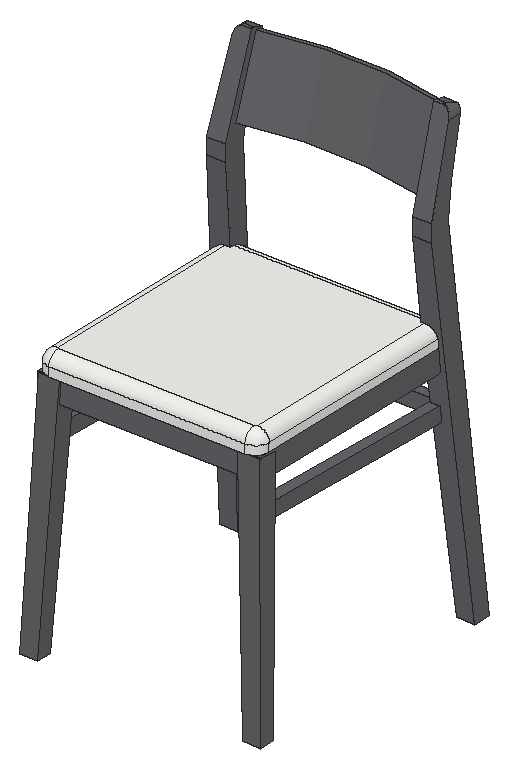
Revit family "FU_Chair_Sandler_JULIA_1", category Furniture, Revit 2020
Family settings
  OmniClass Number = 23.21.23.15.17
  Work Plane-Based = Yes
  Always vertical = No
  Cut with Voids When Loaded = No
  Shared = No
  Room Calculation Point = No
Parameters (values of type "JULIA 1.1")
  Youtube clip = ""
  Uniformat II Description = "Movable Furnishings"
  Uniformat II Code = ""
  Uniclass 2015 Name = ""
  Uniclass 2015 Code = ""
  Uniclass 2.0 Description = ""
  Uniclass 2.0 Code = ""
  Uniclass 1.4 Description = ""
  Uniclass 1.4 Code = ""
  UNSPSC Code = ""
  Technical description = ""
  Seat = TP01 - JULIA : TP01 - JULIA
  Heigth Shell = 472.000 mm
  Shell Material = none
  Seat Material = Leather - White - Sandler 117
  Frame Material = Wood - Beech - Wenge - V
  Region South America = "All"
  Region Oceania = "All"
  Region North America = "All"
  Region Middle East = "All"
  Region Europe = "All"
  Region Asia = "All"
  Region Antarctica = "All"
  Region Africa = "All"
  QR code = ""
  Product url = ""
  Product name = "JULIA 1.1"
  Product group = "Chair"
  Product family = "Furniture"
  Product data url = "https://www.sandlerseating.com/product/julia-1-1/"
  Product certification = ""
  Product SKU = ""
  Product Guid = "??"
  OmniClass Description = ""
  OmniClass Code = "23-21 23 15 17"
  NBS Reference Description = ""
  NBS Reference Code = ""
  Model = "JULIA 1.1"
  Masterformat 2014 Description = "Chair Mats"
  Masterformat 2014 Code = "12 48 43.13"
  Manufacturer name = "Sandler"
  Manufacturer country = "UK"
  Manufacturer = "Sandler"
  Installation instructions = ""
  IFC Classification = "Furnishing Element"
  GTIN code = ""
  Frame = BS01_2 : BS01_2
  Edition number = 1
  Design country = "UK"
  Description = "Stackable side chair with upholstered seat and frame in natural beech."
  Default Elevation = 1219.200 mm
  Date of publishing = ""
  COBIe Type Category = ""
  Brand url = "https://www.sandlerseating.com/"
  BIMobject main category code = "furniture"
  BIMobject main category = "Furniture"
  BIMobject category code = "furniture-chair"
  BIMobject category = "Chair"
Types (2, lengths in mm): name | Seat Material | Frame Material | Product name | Product data url | Model | Frame | Description
  JULIA 1.1 | Leather - White - Sandler 117 | Wood - Beech - Wenge - V | "JULIA 1.1" | "https://www.sandlerseating.com/product/julia-1-1/" | "JULIA 1.1" | BS01_2 : BS01_2 | "Stackable side chair with upholstered seat and frame in natural beech."
  JULIA 1.0 | Leather - Black - Sandler 101 | Wood - Beech - Cherry Wood - V | "JULIA 1.0" | "https://www.sandlerseating.com/product/julia-1-0/" | "JULIA 1.0" | BS01 - JULIA : BS01 - JULIA | "Side chair with upholstered seat and frame in natural beech."
Reference planes
  plane 1 "Center Front/Back": y = 0
  plane 2: z = 0
  plane 3 "Center Left/Right": x = 0
  plane 4 "Heigth Shell": z = 472
  plane 5: x = -240
  plane 6: y = -275
  plane 7: y = 275
  plane 8: x = 240
  plane 9: z = 1080
Dimensions and locks
  "Heigth Shell": plane 4 "Heigth Shell" to plane 2
  equal spacing: plane 5, plane 3 "Center Left/Right", plane 8
  equal spacing: plane 7, plane 1 "Center Front/Back", plane 6
  plane 5 to plane 8 = 480.000 mm
  plane 7 to plane 6 = 550.000 mm
  plane 9 to level = 1080.000 mm
  aligned and locked: level to plane 2
Nested families
  nested 1: "BS01_2" at (0, -67.736, 0), Frame Material <- "Frame Material", type <- "Frame", type "BS01_2"
    with Shell Material none, Seat Material none, Frame Material Wood - Beech - Wenge - V
  nested 2: "TP01 - JULIA" at (0, -71.486, 472), Seat Material <- "Seat Material", type <- "Seat", type "TP01 - JULIA"
    with Shell Material none, Seat Material Leather - White - Sandler 117, Frame Material none
Definition of nested family "BS01_2"
  Parameters (values of type "BS01_2")
    Shell Material [instance] = none
    Seat Material [instance] = none
    Frame Material [instance] = none
    Default Elevation = 0.000 mm
    Back Stretcher Visible = yes
  Reference planes
    plane 1 "Center (Front/Back)": y = 0
    plane 2: z = 0
    plane 3 "Center (Left/Right)": x = 0
    plane 4: through (4267.2, -147.938, 367.103) normal (0, 0.0311, 0.9995)
    plane 5: y = 254.255
    plane 6: x = 240
  Forms (mm)
    Extrusion 1, solid, material <- "Frame Material"
      sketch origin (-35, 0, 0) x (0, 1, 0) y (0, 0, 1)
        loop
          line (260.928, 858.754) -> (205.888, 689.356) -> (205.888, 657.52) -> (271.327, 0) -> (303.503, 0) -> (244.163, 678.257) -> (254.046, 740.653) -> (284.172, 853.994) -> (265.634, 859.797)
          arc (265.634, 859.797) -> (263.142, 859.903) -> (260.928, 858.754) r 4.837
      from 189.426 to 295.619
    Extrusion 2, void
      sketch origin (-41.465, 0, 0) x (1, 0, 0) y (0, 0, 1)
        loop
          line (246.362, 0) -> (280.468, 0) -> (244.906, 839.147)
          arc (244.906, 839.147) -> (233.679, 857.916) -> (211.824, 858.754) r 22.948
          line (211.824, 858.754) -> (220.482, 493.825) -> (246.362, 0)
        loop
          line (136.171, 885.406) -> (145.528, 490.972) -> (171.465, -3.925) -> (171.465, -23.925) -> (356.549, -23.925) -> (319.838, 842.322)
          arc (319.838, 842.322) -> (244.347, 933.534) -> (136.171, 885.406) r 97.948
      from -315.033 to -195
    Extrusion 3, solid, material <- "Frame Material"
      sketch origin (0, 0, 0) x (0, 1, 0) y (0, 0, 1)
        loop
          line (-192.223, 471.623) -> (-213.047, 0) -> (-185.583, 0) -> (-156.946, 467.081) -> (-192.223, 471.623)
      from 140.365 to 237.628
    Extrusion 4, void
      sketch origin (0, 0, 0) x (1, 0, 0) y (0, 0, 1)
        loop
          line (166.73, 470) -> (191.362, 0) -> (225.468, 0) -> (207.588, 470) -> (166.73, 470)
        loop
          line (89.777, 505.314) -> (120.19, -75) -> (303.714, -75) -> (279.121, 505.314) -> (89.777, 505.314)
      from 0 to 250
    Extrusion 5, solid, material <- "Frame Material"
      sketch origin (0, 0, 0) x (0, 1, 0) y (0, 0, -1)
        loop
          line (-192.223, -471.623) -> (-156.946, -467.081) -> (-185.583, 0) -> (-213.047, 0) -> (-192.223, -471.623)
      from 140.365 to 237.628
    Extrusion 6, void
      sketch origin (0, 0, 0) x (-1, 0, 0) y (0, 0, -1)
        loop
          line (166.635, -471.813) -> (207.519, -471.813) -> (225.468, 0) -> (191.362, 0) -> (166.635, -471.813)
        loop
          line (89.777, -505.314) -> (279.121, -505.314) -> (303.714, 75) -> (120.19, 75) -> (89.777, -505.314)
      from 0 to 250
    Extrusion 7, solid, material <- "Frame Material"
      sketch origin (0, 0, 0) x (1, 0, 0) y (0, 1, 0)
        loop
          line (-209.712, 254.046) -> (-207.526, -192.294) -> (207.588, -192.294) -> (207.588, 254.046) -> (-209.712, 254.046)
        loop
          line (177.588, 224.046) -> (-179.565, 224.046) -> (-177.673, -162.294) -> (177.588, -162.294) -> (177.588, 224.046)
      from 429.147 to 471.623
    Extrusion 8, solid, material <- "Frame Material"
      sketch origin (0, 0, 0) x (0, 1, 0) y (0, 0, 1)
        loop
          line (-162.15, 382.193) -> (-163.943, 352.953) -> (237.442, 340.465) -> (234.518, 369.851) -> (-162.15, 382.193)
      from 182.95 to 202.898
    Extrusion 9, solid, material <- "Frame Material"
      sketch origin (0, 0, 0) x (0, 1, 0) y (0, 0, -1)
        loop
          line (-162.15, -382.193) -> (234.518, -369.851) -> (237.442, -340.465) -> (-163.943, -352.953) -> (-162.15, -382.193)
      from 182.95 to 202.898
    Blend 10, solid, material <- "Frame Material"
      base sketch origin (-5.056, 0, -4.944) x (0, 1, 0) y (-1, 0, 0)
        loop
          line (225.201, -178.024) -> (232.577, -177.486)
          arc (232.577, -177.486) -> (255.658, -5.195) -> (233.94, 167.274) r 674.49
          line (233.94, 167.274) -> (226.443, 167.821)
          arc (226.443, 167.821) -> (246.39, -5.176) -> (225.201, -178.024) r 737.22
      top sketch origin (-5.056, 0, -4.944) x (0, 1, 0) y (-1, 0, 0)
        loop
          line (268.186, -176.035) -> (275.465, -176.035)
          arc (275.465, -176.035) -> (298.158, -5.275) -> (276.857, 165.663) r 674.49
          line (276.857, 165.663) -> (269.452, 165.663)
          arc (269.452, 165.663) -> (288.89, -5.26) -> (268.186, -176.035) r 737.22
      from 721.165 to 858.938
    Extrusion 11, solid, material <- "Frame Material", visible <- "Back Stretcher Visible"
      sketch origin (0, 0, 0) x (0, 1, 0) y (0, 0, 1)
        loop
          line (244.209, 369.796) -> (244.209, 340.796) -> (264.209, 340.796) -> (264.209, 369.796) -> (244.209, 369.796)
      from -191 to 191
    Extrusion 12, solid, material <- "Frame Material"
      sketch origin (35, 0, 0) x (0, 1, 0) y (0, 0, -1)
        loop
          arc (260.928, -858.754) -> (263.142, -859.903) -> (265.634, -859.797) r 4.837
          line (265.634, -859.797) -> (284.172, -853.994) -> (254.046, -740.653) -> (244.163, -678.257) -> (303.503, 0) -> (271.327, 0) -> (205.888, -657.52) -> (205.888, -689.356) -> (260.928, -858.754)
      from 189.426 to 295.619
    Extrusion 13, void
      sketch origin (41.465, 0, 0) x (-1, 0, 0) y (0, 0, -1)
        loop
          line (246.362, 0) -> (220.482, -493.825) -> (211.824, -858.754)
          arc (211.824, -858.754) -> (233.679, -857.916) -> (244.906, -839.147) r 22.948
          line (244.906, -839.147) -> (280.468, 0) -> (246.362, 0)
        loop
          arc (136.171, -885.406) -> (244.347, -933.534) -> (319.838, -842.322) r 97.948
          line (319.838, -842.322) -> (356.549, 23.925) -> (171.465, 23.925) -> (171.465, 3.925) -> (145.528, -490.972) -> (136.171, -885.406)
      from -315.033 to -195
  Cuts and joins
    Extrusion 2, Extrusion 13 cuts Extrusion 1
    Extrusion 4, Extrusion 6 cuts Extrusion 3
    Extrusion 6 cuts Extrusion 5
    Extrusion 13 cuts Extrusion 8
    Extrusion 13 cuts Extrusion 12
  Dimensions and locks
    aligned and locked: level to plane 2
Definition of nested family "TP01 - JULIA"
  Parameters (values of type "TP01 - JULIA")
    Shell Material [instance] = none
    Seat Material [instance] = none
    Frame Material [instance] = none
    Default Elevation = 1219.200 mm
  Reference planes
    plane 1 "Center (Front/Back)": y = 0
    plane 2: z = 0
    plane 3 "Center (Left/Right)": x = 0
  Forms (mm)
    Extrusion 1, solid, material <- "Seat Material"
      sketch origin (-4.885, -28.732, -470) x (1, 0, 0) y (0, 1, 0)
        loop
          line (187.474, 282.777) -> (-179.827, 282.777)
          arc (-179.827, 282.777) -> (-197.505, 275.455) -> (-204.827, 257.777) r 25
          line (-204.827, 257.777) -> (-204.827, -138.562)
          arc (-204.827, -138.562) -> (-197.505, -156.24) -> (-179.827, -163.562) r 25
          line (-179.827, -163.562) -> (187.474, -163.562)
          arc (187.474, -163.562) -> (205.151, -156.24) -> (212.474, -138.562) r 25
          line (212.474, -138.562) -> (212.474, 257.777)
          arc (212.474, 257.777) -> (205.151, 275.455) -> (187.474, 282.777) r 25
      from 470 to 506.301
    Sweep 2, void
      path in 3D
        loop
          arc (-209.712, -167.294, 36.301) -> (-202.39, -184.972, 36.301) -> (-184.712, -192.294, 36.301) r 25
          line (-184.712, -192.294, 36.301) -> (182.588, -192.294, 36.301)
          arc (182.588, -192.294, 36.301) -> (200.266, -184.972, 36.301) -> (207.588, -167.294, 36.301) r 25
          line (207.588, -167.294, 36.301) -> (207.588, 229.046, 36.301)
          arc (207.588, 229.046, 36.301) -> (200.266, 246.723, 36.301) -> (182.588, 254.046, 36.301) r 25
          line (182.588, 254.046, 36.301) -> (-184.712, 254.046, 36.301)
          arc (-184.712, 254.046, 36.301) -> (-202.39, 246.723, 36.301) -> (-209.712, 229.046, 36.301) r 25
          line (-209.712, 229.046, 36.301) -> (-209.712, -167.294, 36.301)
      profile origin (-209.712, 30.876, 36.301) x (1, 0, 0) y (0, 0, 1)
        loop
          line (0, 0) -> (0, -20)
          arc (0, -20) -> (7.195, -5.742) -> (22.097, 0) r 22.207
          line (22.097, 0) -> (0, 0)
  Cuts and joins
    Sweep 2 cuts Extrusion 1
  Lines and regions (mm)
    sketch lines
      curve 1: line (-209.712, 229.046, 36.301) -> (-209.712, -167.294, 36.301)
      curve 2: arc (-184.712, -192.294, 36.301) -> (-202.39, -184.972, 36.301) -> (-209.712, -167.294, 36.301) r 25
      curve 3: line (-184.712, -192.294, 36.301) -> (182.588, -192.294, 36.301)
      curve 4: arc (207.588, -167.294, 36.301) -> (200.266, -184.972, 36.301) -> (182.588, -192.294, 36.301) r 25
      curve 5: line (207.588, -167.294, 36.301) -> (207.588, 229.046, 36.301)
      curve 6: arc (182.588, 254.046, 36.301) -> (200.266, 246.723, 36.301) -> (207.588, 229.046, 36.301) r 25
      curve 7: line (182.588, 254.046, 36.301) -> (-184.712, 254.046, 36.301)
      curve 8: arc (-209.712, 229.046, 36.301) -> (-202.39, 246.723, 36.301) -> (-184.712, 254.046, 36.301) r 25
  Dimensions and locks
    aligned and locked: level to plane 2
